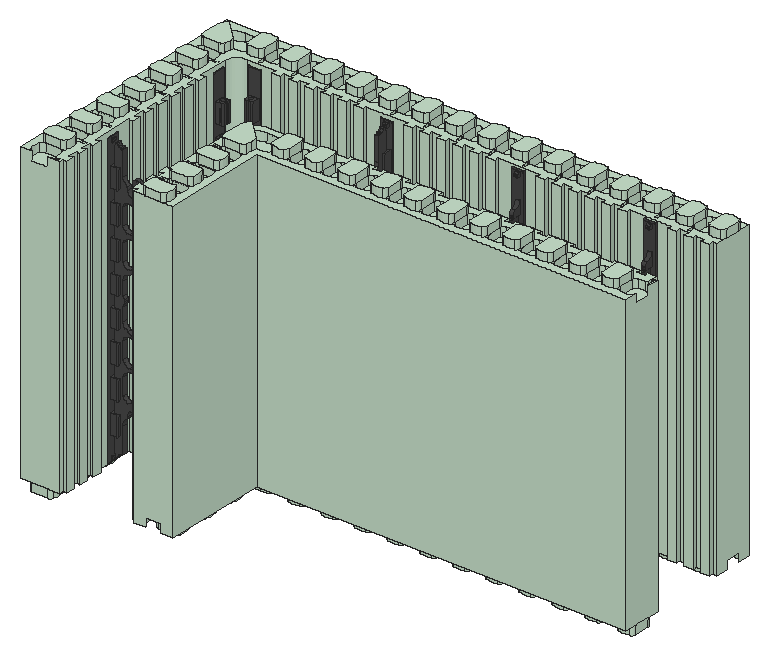
Revit family (continued)
Definition of nested family "4-inch Insert Web"
  Forms (in)
    Extrusion 2, solid, material "High Density Polystyrene"
      sketch origin (0, 0, 0) x (0, 1, 0) y (0, 0, 1)
        loop
          line (-1.5, 14.11451) -> (-1.5, 13.08627)
          arc (-1.5, 13.08627) -> (-1.35049, 12.86078) -> (-1.125, 12.71127) r 0.68126
          line (-1.125, 12.71127) -> (-0.3725, 12.71127)
          arc (-0.3725, 12.71127) -> (-0.17285, 12.82194) -> (-0.06, 13.02037) r 0.42217
          line (-0.06, 13.02037) -> (-0.06, 13.58104)
          arc (-0.06, 13.58104) -> (-0.17093, 13.84564) -> (-0.32953, 14.08475) r 1.52295
          line (-0.32953, 14.08475) -> (-1.103, 14.44673)
        loop
          arc (1.103, 10.7958) -> (1.35557, 10.89731) -> (1.5, 11.12803) r 0.43974
          line (1.5, 11.12803) -> (1.5, 12.15627)
          arc (1.5, 12.15627) -> (1.35049, 12.38175) -> (1.125, 12.53127) r 0.68126
          line (1.125, 12.53127) -> (0.3725, 12.53127)
          arc (0.3725, 12.53127) -> (0.17285, 12.42059) -> (0.06, 12.22217) r 0.42217
          line (0.06, 12.22217) -> (0.06, 11.6615)
          arc (0.06, 11.6615) -> (0.17093, 11.39689) -> (0.32953, 11.15779) r 1.52295
          line (0.32953, 11.15779) -> (1.103, 10.7958)
        loop
          line (-1.103, 10.7958) -> (-0.32953, 11.15779)
          arc (-0.32953, 11.15779) -> (-0.17093, 11.39689) -> (-0.06, 11.6615) r 1.52295
          line (-0.06, 11.6615) -> (-0.06, 12.22217)
          arc (-0.06, 12.22217) -> (-0.17285, 12.42059) -> (-0.3725, 12.53127) r 0.42217
          line (-0.3725, 12.53127) -> (-1.125, 12.53127)
          arc (-1.125, 12.53127) -> (-1.35049, 12.38175) -> (-1.5, 12.15627) r 0.68126
          line (-1.5, 12.15627) -> (-1.5, 11.12803)
          arc (-1.5, 11.12803) -> (-1.35557, 10.89731) -> (-1.103, 10.7958) r 0.43974
        loop
          arc (0.42388, 10.91489) -> (0.21712, 10.98532) -> (0, 11.00917) r 1
          arc (0, 11.00917) -> (-0.21712, 10.98532) -> (-0.42388, 10.91489) r 1
          line (-0.42388, 10.91489) -> (-1.21194, 10.54608)
          arc (-1.21194, 10.54608) -> (-1.42188, 10.36158) -> (-1.5, 10.09322) r 0.5
          line (-1.5, 10.09322) -> (-1.5, 9.31235) -> (-1.38, 9.11235) -> (-1.38, 9) -> (-1.38, 8.88765) -> (-1.5, 8.68765) -> (-1.5, 7.90678)
          arc (-1.5, 7.90678) -> (-1.42188, 7.63842) -> (-1.21194, 7.45392) r 0.5
          line (-1.21194, 7.45392) -> (-0.42388, 7.08511)
          arc (-0.42388, 7.08511) -> (-0.21712, 7.01468) -> (0, 6.99083) r 1
          arc (0, 6.99083) -> (0.21712, 7.01468) -> (0.42388, 7.08511) r 1
          line (0.42388, 7.08511) -> (1.21194, 7.45392)
          arc (1.21194, 7.45392) -> (1.42188, 7.63842) -> (1.5, 7.90678) r 0.5
          line (1.5, 7.90678) -> (1.5, 8.68765) -> (1.38, 8.88765) -> (1.38, 9) -> (1.38, 9.11235) -> (1.5, 9.31235) -> (1.5, 10.09322)
          arc (1.5, 10.09322) -> (1.42188, 10.36158) -> (1.21194, 10.54608) r 0.5
          line (1.21194, 10.54608) -> (0.42388, 10.91489)
        loop
          arc (1.103, 3.55327) -> (1.35557, 3.65477) -> (1.5, 3.88549) r 0.43974
          line (1.5, 3.88549) -> (1.5, 4.91373)
          arc (1.5, 4.91373) -> (1.35049, 5.13922) -> (1.125, 5.28873) r 0.68126
          line (1.125, 5.28873) -> (0.3725, 5.28873)
          arc (0.3725, 5.28873) -> (0.17285, 5.17806) -> (0.06, 4.97963) r 0.42217
          line (0.06, 4.97963) -> (0.06, 4.41896)
          arc (0.06, 4.41896) -> (0.17093, 4.15436) -> (0.32953, 3.91525) r 1.52295
          line (0.32953, 3.91525) -> (1.103, 3.55327)
        loop
          line (-1.103, 3.55327) -> (-0.32953, 3.91525)
          arc (-0.32953, 3.91525) -> (-0.17093, 4.15436) -> (-0.06, 4.41896) r 1.52295
          line (-0.06, 4.41896) -> (-0.06, 4.97963)
          arc (-0.06, 4.97963) -> (-0.17285, 5.17806) -> (-0.3725, 5.28873) r 0.42217
          line (-0.3725, 5.28873) -> (-1.125, 5.28873)
          arc (-1.125, 5.28873) -> (-1.35049, 5.13922) -> (-1.5, 4.91373) r 0.68126
          line (-1.5, 4.91373) -> (-1.5, 3.88549)
          arc (-1.5, 3.88549) -> (-1.35557, 3.65477) -> (-1.103, 3.55327) r 0.43974
        loop
          line (1.103, 7.2042) -> (0.32953, 6.84221)
          arc (0.32953, 6.84221) -> (0.17093, 6.60311) -> (0.06, 6.3385) r 1.52295
          line (0.06, 6.3385) -> (0.06, 5.77783)
          arc (0.06, 5.77783) -> (0.17285, 5.57941) -> (0.3725, 5.46873) r 0.42217
          line (0.3725, 5.46873) -> (1.125, 5.46873)
          arc (1.125, 5.46873) -> (1.35049, 5.61825) -> (1.5, 5.84373) r 0.68126
          line (1.5, 5.84373) -> (1.5, 6.87197)
          arc (1.5, 6.87197) -> (1.35557, 7.10269) -> (1.103, 7.2042) r 0.43974
        loop
          arc (-1.103, 7.2042) -> (-1.35557, 7.10269) -> (-1.5, 6.87197) r 0.43974
          line (-1.5, 6.87197) -> (-1.5, 5.84373)
          arc (-1.5, 5.84373) -> (-1.35049, 5.61825) -> (-1.125, 5.46873) r 0.68126
          line (-1.125, 5.46873) -> (-0.3725, 5.46873)
          arc (-0.3725, 5.46873) -> (-0.17285, 5.57941) -> (-0.06, 5.77783) r 0.42217
          line (-0.06, 5.77783) -> (-0.06, 6.3385)
          arc (-0.06, 6.3385) -> (-0.17093, 6.60311) -> (-0.32953, 6.84221) r 1.52295
          line (-0.32953, 6.84221) -> (-1.103, 7.2042)
      from 0.125 to -0.125
    Extrusion 3, solid, material "High Density Polystyrene"
      sketch origin (0, 0, 0) x (0, 1, 0) y (0, 0, 1)
        loop
          line (2.21, 16.17792) -> (1.71, 16.17792) -> (1.71, 14.97792) -> (2.21, 14.97792) -> (2.21, 16.17792)
        loop
          line (2.21, 14.22792) -> (1.71, 14.22792) -> (1.71, 13.02792) -> (2.21, 13.02792) -> (2.21, 14.22792)
        loop
          line (2.21, 12.27792) -> (1.71, 12.27792) -> (1.71, 11.07792) -> (2.21, 11.07792) -> (2.21, 12.27792)
        loop
          line (2.21, 10.32792) -> (1.71, 10.32792) -> (1.71, 9.24792) -> (2.21, 9.24792) -> (2.21, 10.32792)
        loop
          line (2.21, 8.49792) -> (1.71, 8.49792) -> (1.71, 7.41792) -> (2.21, 7.41792) -> (2.21, 8.49792)
        loop
          line (2.21, 6.66792) -> (1.71, 6.66792) -> (1.71, 5.46792) -> (2.21, 5.46792) -> (2.21, 6.66792)
        loop
          line (2.21, 4.71792) -> (1.71, 4.71792) -> (1.71, 3.51792) -> (2.21, 3.51792) -> (2.21, 4.71792)
        loop
          line (2.21, 2.76792) -> (1.71, 2.76792) -> (1.71, 1.56792) -> (2.21, 1.56792) -> (2.21, 2.76792)
        loop
          line (-2.21, 16.17792) -> (-2.21, 14.97792) -> (-1.71, 14.97792) -> (-1.71, 16.17792) -> (-2.21, 16.17792)
        loop
          line (-2.21, 14.22792) -> (-2.21, 13.02792) -> (-1.71, 13.02792) -> (-1.71, 14.22792) -> (-2.21, 14.22792)
        loop
          line (-2.21, 12.27792) -> (-2.21, 11.07792) -> (-1.71, 11.07792) -> (-1.71, 12.27792) -> (-2.21, 12.27792)
        loop
          line (-2.21, 10.32792) -> (-2.21, 9.24792) -> (-1.71, 9.24792) -> (-1.71, 10.32792) -> (-2.21, 10.32792)
        loop
          line (-2.21, 8.49792) -> (-2.21, 7.41792) -> (-1.71, 7.41792) -> (-1.71, 8.49792) -> (-2.21, 8.49792)
        loop
          line (-2.21, 6.66792) -> (-2.21, 5.46792) -> (-1.71, 5.46792) -> (-1.71, 6.66792) -> (-2.21, 6.66792)
        loop
          line (-2.21, 4.71792) -> (-2.21, 3.51792) -> (-1.71, 3.51792) -> (-1.71, 4.71792) -> (-2.21, 4.71792)
        loop
          line (-2.21, 2.76792) -> (-2.21, 1.56792) -> (-1.71, 1.56792) -> (-1.71, 2.76792) -> (-2.21, 2.76792)
      from 0.25 to -0.25
    Extrusion 4, void
      sketch origin (0, -1, 0) x (1, 0, 0) y (0, 1, 0)
        loop
          line (-0.25, 2.79249) -> (-0.25, 2.71) -> (-0.1675, 2.71)
          arc (-0.1675, 2.71) -> (-0.22584, 2.73416) -> (-0.25, 2.79249) r 0.0825
      from 0 to 18
    Extrusion 5, void
      sketch origin (0, -1, 0) x (-1, 0, 0) y (0, -1, 0)
        loop
          arc (-0.25, -2.79249) -> (-0.22584, -2.73416) -> (-0.1675, -2.71) r 0.0825
          line (-0.1675, -2.71) -> (-0.25, -2.71) -> (-0.25, -2.79249)
      from 0 to 18
    Extrusion 6, void
      sketch origin (0, 1, 0) x (1, 0, 0) y (0, 1, 0)
        loop
          arc (-0.25, -2.79249) -> (-0.22584, -2.73416) -> (-0.1675, -2.71) r 0.0825
          line (-0.1675, -2.71) -> (-0.25, -2.71) -> (-0.25, -2.79249)
      from 0 to 18
    Extrusion 7, void
      sketch origin (0, 1, 0) x (-1, 0, 0) y (0, -1, 0)
        loop
          line (-0.25, 2.79249) -> (-0.25, 2.71) -> (-0.1675, 2.71)
          arc (-0.1675, 2.71) -> (-0.22584, 2.73416) -> (-0.25, 2.79249) r 0.0825
      from 0 to 18
  Cuts and joins
    Extrusion 4, Extrusion 5, Extrusion 6, Extrusion 7 cuts Extrusion 1
    Extrusion 4, Extrusion 5, Extrusion 6, Extrusion 7 cuts Extrusion 3
Definition of nested family "4-inch Web"
  Reference planes (in)
    plane 1 "Center (Front/Back)": y = 0
    plane 2: z = 0
    plane 3 "Center (Left/Right)": x = 0
  Forms (in)
    Extrusion 1, solid, material "Polypropylene"
      sketch origin (0, -2, -0.5) x (0, 1, 0) y (0, 0, 1)
        loop
          arc (4.185, 0.98503) -> (4.17874, 0.9705) -> (4.16389, 0.96506) r 0.02
          line (4.16389, 0.96506) -> (4.00611, 0.97383)
          arc (4.00611, 0.97383) -> (3.99126, 0.96839) -> (3.985, 0.95386) r 0.02
          line (3.985, 0.95386) -> (3.985, 0.88265)
          arc (3.985, 0.88265) -> (3.98914, 0.86744) -> (4.00043, 0.85643) r 0.03
          line (4.00043, 0.85643) -> (4.16957, 0.76246)
          arc (4.16957, 0.76246) -> (4.18086, 0.75145) -> (4.185, 0.73624) r 0.03
          line (4.185, 0.73624) -> (4.185, 0.98503)
        loop
          line (-0.185, 0.98503) -> (-0.185, 0.73624)
          arc (-0.185, 0.73624) -> (-0.18086, 0.75145) -> (-0.16957, 0.76246) r 0.03
          line (-0.16957, 0.76246) -> (-0.00043, 0.85643)
          arc (-0.00043, 0.85643) -> (0.01086, 0.86744) -> (0.015, 0.88265) r 0.03
          line (0.015, 0.88265) -> (0.015, 0.95386)
          arc (0.015, 0.95386) -> (0.00874, 0.96839) -> (-0.00611, 0.97383) r 0.02
          line (-0.00611, 0.97383) -> (-0.16389, 0.96506)
          arc (-0.16389, 0.96506) -> (-0.17874, 0.9705) -> (-0.185, 0.98503) r 0.02
        loop
          line (3.995, 15.39617) -> (3.995, 15.89614) -> (3.89, 15.89614) -> (3.89, 15.96617) -> (4.15332, 15.96617)
          arc (4.15332, 15.96617) -> (4.16974, 15.96398) -> (4.185, 15.95755) r 0.0625
          line (4.185, 15.95755) -> (4.185, 16.73277)
          arc (4.185, 16.73277) -> (4.07682, 16.48647) -> (3.85666, 16.33188) r 0.5
          arc (3.85666, 16.33188) -> (3.73587, 16.24051) -> (3.69, 16.09617) r 0.25
          line (3.69, 16.09617) -> (3.69, 16.02867)
          arc (3.69, 16.02867) -> (3.7083, 15.98448) -> (3.7525, 15.96617) r 0.0625
          line (3.7525, 15.96617) -> (3.8, 15.96617) -> (3.8, 15.89614) -> (3.69446, 15.89614)
          arc (3.69446, 15.89614) -> (3.49353, 15.90523) -> (3.29847, 15.95435) r 1
          arc (3.29847, 15.95435) -> (3.20889, 15.93583) -> (3.18179, 15.84845) r 0.09
          arc (3.18179, 15.84845) -> (2.74446, 15.50749) -> (2.77171, 16.06136) r 0.305
          arc (2.77171, 16.06136) -> (2.89426, 16.34734) -> (2.60829, 16.46988) r 0.22
          arc (2.60829, 16.46988) -> (2.36995, 16.31647) -> (2.20617, 16.08513) r 0.745
          arc (2.20617, 16.08513) -> (2.12274, 15.98757) -> (2, 15.94992) r 0.23
          arc (2, 15.94992) -> (1.87726, 15.98757) -> (1.79383, 16.08513) r 0.23
          arc (1.79383, 16.08513) -> (1.63005, 16.31647) -> (1.39171, 16.46988) r 0.745
          arc (1.39171, 16.46988) -> (1.10574, 16.34734) -> (1.22829, 16.06136) r 0.22
          arc (1.22829, 16.06136) -> (1.25554, 15.50749) -> (0.81821, 15.84845) r 0.305
          arc (0.81821, 15.84845) -> (0.79111, 15.93583) -> (0.70153, 15.95435) r 0.09
          arc (0.70153, 15.95435) -> (0.50647, 15.90523) -> (0.30554, 15.89614) r 1
          line (0.30554, 15.89614) -> (0.2, 15.89614) -> (0.2, 15.96617) -> (0.2475, 15.96617)
          arc (0.2475, 15.96617) -> (0.2917, 15.98448) -> (0.31, 16.02867) r 0.0625
          line (0.31, 16.02867) -> (0.31, 16.09617)
          arc (0.31, 16.09617) -> (0.26413, 16.24051) -> (0.14334, 16.33188) r 0.25
          arc (0.14334, 16.33188) -> (-0.07682, 16.48647) -> (-0.185, 16.73277) r 0.5
          line (-0.185, 16.73277) -> (-0.185, 15.95755)
          arc (-0.185, 15.95755) -> (-0.16974, 15.96398) -> (-0.15332, 15.96617) r 0.0625
          line (-0.15332, 15.96617) -> (0.11, 15.96617) -> (0.11, 15.89614) -> (0.005, 15.89614) -> (0.005, 15.39617) -> (0.11, 15.39617) -> (0.11, 15.32617) -> (-0.1225, 15.32617)
          arc (-0.1225, 15.32617) -> (-0.16669, 15.34448) -> (-0.185, 15.38867) r 0.0625
          line (-0.185, 15.38867) -> (-0.185, 14.60367)
          arc (-0.185, 14.60367) -> (-0.16669, 14.64787) -> (-0.1225, 14.66617) r 0.0625
          line (-0.1225, 14.66617) -> (0.11, 14.66617) -> (0.11, 14.59617) -> (0.005, 14.59617) -> (0.005, 14.09617) -> (0.11, 14.09617) -> (0.11, 14.02617) -> (-0.1225, 14.02617)
          arc (-0.1225, 14.02617) -> (-0.16669, 14.04448) -> (-0.185, 14.08867) r 0.0625
          line (-0.185, 14.08867) -> (-0.185, 13.30367)
          arc (-0.185, 13.30367) -> (-0.16669, 13.34787) -> (-0.1225, 13.36617) r 0.0625
          line (-0.1225, 13.36617) -> (0.11, 13.36617) -> (0.11, 13.29617) -> (0.005, 13.29617) -> (0.005, 12.7962) -> (0.11, 12.7962) -> (0.11, 12.72617) -> (-0.1225, 12.72617)
          arc (-0.1225, 12.72617) -> (-0.16669, 12.74448) -> (-0.185, 12.78867) r 0.0625
          line (-0.185, 12.78867) -> (-0.185, 12.18907) -> (-0.09, 12.18907)
          arc (-0.09, 12.18907) -> (0.01399, 12.29203) -> (0.14334, 12.36047) r 0.5
          arc (0.14334, 12.36047) -> (0.26413, 12.45184) -> (0.31, 12.59617) r 0.25
          line (0.31, 12.59617) -> (0.31, 12.66367)
          arc (0.31, 12.66367) -> (0.2917, 12.70787) -> (0.2475, 12.72617) r 0.0625
          line (0.2475, 12.72617) -> (0.2, 12.72617) -> (0.2, 12.7962) -> (0.30554, 12.7962)
          arc (0.30554, 12.7962) -> (0.50647, 12.78711) -> (0.70153, 12.73799) r 1
          arc (0.70153, 12.73799) -> (0.79111, 12.75651) -> (0.81821, 12.84389) r 0.09
          arc (0.81821, 12.84389) -> (1.25554, 13.18486) -> (1.22829, 12.63098) r 0.305
          arc (1.22829, 12.63098) -> (1.10574, 12.34501) -> (1.39171, 12.22246) r 0.22
          arc (1.39171, 12.22246) -> (1.63005, 12.37588) -> (1.79383, 12.60721) r 0.745
          arc (1.79383, 12.60721) -> (1.87726, 12.70478) -> (2, 12.74242) r 0.23
          arc (2, 12.74242) -> (2.12274, 12.70478) -> (2.20617, 12.60721) r 0.23
          arc (2.20617, 12.60721) -> (2.36995, 12.37588) -> (2.60829, 12.22246) r 0.745
          arc (2.60829, 12.22246) -> (2.89426, 12.34501) -> (2.77171, 12.63098) r 0.22
          arc (2.77171, 12.63098) -> (2.74446, 13.18486) -> (3.18179, 12.84389) r 0.305
          arc (3.18179, 12.84389) -> (3.20889, 12.75651) -> (3.29847, 12.73799) r 0.09
          arc (3.29847, 12.73799) -> (3.49353, 12.78711) -> (3.69446, 12.7962) r 1
          line (3.69446, 12.7962) -> (3.8, 12.7962) -> (3.8, 12.72617) -> (3.7525, 12.72617)
          arc (3.7525, 12.72617) -> (3.7083, 12.70787) -> (3.69, 12.66367) r 0.0625
          line (3.69, 12.66367) -> (3.69, 12.59617)
          arc (3.69, 12.59617) -> (3.73587, 12.45184) -> (3.85666, 12.36047) r 0.25
          arc (3.85666, 12.36047) -> (3.98601, 12.29203) -> (4.09, 12.18907) r 0.5
          line (4.09, 12.18907) -> (4.185, 12.18907) -> (4.185, 12.78867)
          arc (4.185, 12.78867) -> (4.16669, 12.74448) -> (4.1225, 12.72617) r 0.0625
          line (4.1225, 12.72617) -> (3.89, 12.72617) -> (3.89, 12.7962) -> (3.995, 12.7962) -> (3.995, 13.29617) -> (3.89, 13.29617) -> (3.89, 13.36617) -> (4.1225, 13.36617)
          arc (4.1225, 13.36617) -> (4.16669, 13.34787) -> (4.185, 13.30367) r 0.0625
          line (4.185, 13.30367) -> (4.185, 14.08867)
          arc (4.185, 14.08867) -> (4.16669, 14.04448) -> (4.1225, 14.02617) r 0.0625
          line (4.1225, 14.02617) -> (3.89, 14.02617) -> (3.89, 14.09617) -> (3.995, 14.09617) -> (3.995, 14.59617) -> (3.89, 14.59617) -> (3.89, 14.66617) -> (4.1225, 14.66617)
          arc (4.1225, 14.66617) -> (4.16669, 14.64787) -> (4.185, 14.60367) r 0.0625
          line (4.185, 14.60367) -> (4.185, 15.38867)
          arc (4.185, 15.38867) -> (4.16669, 15.34448) -> (4.1225, 15.32617) r 0.0625
          line (4.1225, 15.32617) -> (3.89, 15.32617) -> (3.89, 15.39617) -> (3.995, 15.39617)
        loop
          line (3.695, 14.59617) -> (3.8, 14.59617) -> (3.8, 14.66617) -> (3.7525, 14.66617)
          arc (3.7525, 14.66617) -> (3.7083, 14.68448) -> (3.69, 14.72867) r 0.0625
          line (3.69, 14.72867) -> (3.69, 15.26367)
          arc (3.69, 15.26367) -> (3.7083, 15.30787) -> (3.7525, 15.32617) r 0.0625
          line (3.7525, 15.32617) -> (3.8, 15.32617) -> (3.8, 15.39617) -> (3.695, 15.39617)
          arc (3.695, 15.39617) -> (3.23819, 15.2911) -> (2.8018, 15.12004) r 3.1806
          line (2.8018, 15.12004) -> (2.30584, 14.87186)
          arc (2.30584, 14.87186) -> (2.18493, 14.61329) -> (2.40877, 14.43617) r 0.23
          line (2.40877, 14.43617) -> (2.98527, 14.43617)
          arc (2.98527, 14.43617) -> (3.29477, 14.47236) -> (3.59139, 14.56784) r 1.6
          arc (3.59139, 14.56784) -> (3.64143, 14.58847) -> (3.695, 14.59617) r 0.21872
        loop
          line (3.695, 13.29617) -> (3.8, 13.29617) -> (3.8, 13.36617) -> (3.7525, 13.36617)
          arc (3.7525, 13.36617) -> (3.7083, 13.38448) -> (3.69, 13.42867) r 0.0625
          line (3.69, 13.42867) -> (3.69, 13.96367)
          arc (3.69, 13.96367) -> (3.7083, 14.00787) -> (3.7525, 14.02617) r 0.0625
          line (3.7525, 14.02617) -> (3.8, 14.02617) -> (3.8, 14.09617) -> (3.695, 14.09617)
          arc (3.695, 14.09617) -> (3.64143, 14.10388) -> (3.59139, 14.1245) r 0.21872
          arc (3.59139, 14.1245) -> (3.29477, 14.21999) -> (2.98527, 14.25617) r 1.6
          line (2.98527, 14.25617) -> (2.40877, 14.25617)
          arc (2.40877, 14.25617) -> (2.18493, 14.07905) -> (2.30584, 13.82049) r 0.23
          line (2.30584, 13.82049) -> (2.8018, 13.57231)
          arc (2.8018, 13.57231) -> (3.23819, 13.40124) -> (3.695, 13.29617) r 3.1806
        loop
          line (4.185, 18.01497) -> (4.185, 18.26376)
          arc (4.185, 18.26376) -> (4.18086, 18.24855) -> (4.16957, 18.23754) r 0.03
          line (4.16957, 18.23754) -> (4.00043, 18.14357)
          arc (4.00043, 18.14357) -> (3.98914, 18.13256) -> (3.985, 18.11735) r 0.03
          line (3.985, 18.11735) -> (3.985, 18.04614)
          arc (3.985, 18.04614) -> (3.99126, 18.03161) -> (4.00611, 18.02617) r 0.02
          line (4.00611, 18.02617) -> (4.16389, 18.03494)
          arc (4.16389, 18.03494) -> (4.17874, 18.0295) -> (4.185, 18.01497) r 0.02
        loop
          arc (-0.185, 18.01497) -> (-0.17874, 18.0295) -> (-0.16389, 18.03494) r 0.02
          line (-0.16389, 18.03494) -> (-0.00611, 18.02617)
          arc (-0.00611, 18.02617) -> (0.00874, 18.03161) -> (0.015, 18.04614) r 0.02
          line (0.015, 18.04614) -> (0.015, 18.11735)
          arc (0.015, 18.11735) -> (0.01086, 18.13256) -> (-0.00043, 18.14357) r 0.03
          line (-0.00043, 18.14357) -> (-0.16957, 18.23754)
          arc (-0.16957, 18.23754) -> (-0.18086, 18.24855) -> (-0.185, 18.26376) r 0.03
          line (-0.185, 18.26376) -> (-0.185, 18.01497)
        loop
          arc (0.305, 14.59617) -> (0.35857, 14.58847) -> (0.40861, 14.56784) r 0.21872
          arc (0.40861, 14.56784) -> (0.70523, 14.47236) -> (1.01473, 14.43617) r 1.6
          line (1.01473, 14.43617) -> (1.59123, 14.43617)
          arc (1.59123, 14.43617) -> (1.81507, 14.61329) -> (1.69416, 14.87186) r 0.23
          line (1.69416, 14.87186) -> (1.1982, 15.12004)
          arc (1.1982, 15.12004) -> (0.76181, 15.2911) -> (0.305, 15.39617) r 3.1806
          line (0.305, 15.39617) -> (0.2, 15.39617) -> (0.2, 15.32617) -> (0.2475, 15.32617)
          arc (0.2475, 15.32617) -> (0.2917, 15.30787) -> (0.31, 15.26367) r 0.0625
          line (0.31, 15.26367) -> (0.31, 14.72867)
          arc (0.31, 14.72867) -> (0.2917, 14.68448) -> (0.2475, 14.66617) r 0.0625
          line (0.2475, 14.66617) -> (0.2, 14.66617) -> (0.2, 14.59617) -> (0.305, 14.59617)
        loop
          arc (0.305, 13.29617) -> (0.76181, 13.40124) -> (1.1982, 13.57231) r 3.1806
          line (1.1982, 13.57231) -> (1.69416, 13.82049)
          arc (1.69416, 13.82049) -> (1.81507, 14.07905) -> (1.59123, 14.25617) r 0.23
          line (1.59123, 14.25617) -> (1.01473, 14.25617)
          arc (1.01473, 14.25617) -> (0.70523, 14.21999) -> (0.40861, 14.1245) r 1.6
          arc (0.40861, 14.1245) -> (0.35857, 14.10388) -> (0.305, 14.09617) r 0.21872
          line (0.305, 14.09617) -> (0.2, 14.09617) -> (0.2, 14.02617) -> (0.2475, 14.02617)
          arc (0.2475, 14.02617) -> (0.2917, 14.00787) -> (0.31, 13.96367) r 0.0625
          line (0.31, 13.96367) -> (0.31, 13.42867)
          arc (0.31, 13.42867) -> (0.2917, 13.38448) -> (0.2475, 13.36617) r 0.0625
          line (0.2475, 13.36617) -> (0.2, 13.36617) -> (0.2, 13.29617) -> (0.305, 13.29617)
        loop
          line (3.995, 3.60383) -> (3.89, 3.60383) -> (3.89, 3.67383) -> (4.1225, 3.67383)
          arc (4.1225, 3.67383) -> (4.16669, 3.65552) -> (4.185, 3.61133) r 0.0625
          line (4.185, 3.61133) -> (4.185, 4.39633)
          arc (4.185, 4.39633) -> (4.16669, 4.35213) -> (4.1225, 4.33383) r 0.0625
          line (4.1225, 4.33383) -> (3.89, 4.33383) -> (3.89, 4.40383) -> (3.995, 4.40383) -> (3.995, 4.90383) -> (3.89, 4.90383) -> (3.89, 4.97383) -> (4.1225, 4.97383)
          arc (4.1225, 4.97383) -> (4.16669, 4.95552) -> (4.185, 4.91133) r 0.0625
          line (4.185, 4.91133) -> (4.185, 5.69633)
          arc (4.185, 5.69633) -> (4.16669, 5.65213) -> (4.1225, 5.63383) r 0.0625
          line (4.1225, 5.63383) -> (3.89, 5.63383) -> (3.89, 5.70383) -> (3.995, 5.70383) -> (3.995, 6.2038) -> (3.89, 6.2038) -> (3.89, 6.27383) -> (4.1225, 6.27383)
          arc (4.1225, 6.27383) -> (4.16669, 6.25552) -> (4.185, 6.21133) r 0.0625
          line (4.185, 6.21133) -> (4.185, 6.81093) -> (4.09, 6.81093)
          arc (4.09, 6.81093) -> (3.98601, 6.70797) -> (3.85666, 6.63953) r 0.5
          arc (3.85666, 6.63953) -> (3.73587, 6.54816) -> (3.69, 6.40383) r 0.25
          line (3.69, 6.40383) -> (3.69, 6.33633)
          arc (3.69, 6.33633) -> (3.7083, 6.29213) -> (3.7525, 6.27383) r 0.0625
          line (3.7525, 6.27383) -> (3.8, 6.27383) -> (3.8, 6.2038) -> (3.69446, 6.2038)
          arc (3.69446, 6.2038) -> (3.49353, 6.21289) -> (3.29847, 6.26201) r 1
          arc (3.29847, 6.26201) -> (3.20889, 6.24349) -> (3.18179, 6.15611) r 0.09
          arc (3.18179, 6.15611) -> (2.74446, 5.81514) -> (2.77171, 6.36902) r 0.305
          arc (2.77171, 6.36902) -> (2.89426, 6.65499) -> (2.60829, 6.77754) r 0.22
          arc (2.60829, 6.77754) -> (2.36995, 6.62412) -> (2.20617, 6.39279) r 0.745
          arc (2.20617, 6.39279) -> (2.12274, 6.29522) -> (2, 6.25758) r 0.23
          arc (2, 6.25758) -> (1.87726, 6.29522) -> (1.79383, 6.39279) r 0.23
          arc (1.79383, 6.39279) -> (1.63005, 6.62412) -> (1.39171, 6.77754) r 0.745
          arc (1.39171, 6.77754) -> (1.10574, 6.65499) -> (1.22829, 6.36902) r 0.22
          arc (1.22829, 6.36902) -> (1.25554, 5.81514) -> (0.81821, 6.15611) r 0.305
          arc (0.81821, 6.15611) -> (0.79111, 6.24349) -> (0.70153, 6.26201) r 0.09
          arc (0.70153, 6.26201) -> (0.50647, 6.21289) -> (0.30554, 6.2038) r 1
          line (0.30554, 6.2038) -> (0.2, 6.2038) -> (0.2, 6.27383) -> (0.2475, 6.27383)
          arc (0.2475, 6.27383) -> (0.2917, 6.29213) -> (0.31, 6.33633) r 0.0625
          line (0.31, 6.33633) -> (0.31, 6.40383)
          arc (0.31, 6.40383) -> (0.26413, 6.54816) -> (0.14334, 6.63953) r 0.25
          arc (0.14334, 6.63953) -> (0.01399, 6.70797) -> (-0.09, 6.81093) r 0.5
          line (-0.09, 6.81093) -> (-0.185, 6.81093) -> (-0.185, 6.21133)
          arc (-0.185, 6.21133) -> (-0.16669, 6.25552) -> (-0.1225, 6.27383) r 0.0625
          line (-0.1225, 6.27383) -> (0.11, 6.27383) -> (0.11, 6.2038) -> (0.005, 6.2038) -> (0.005, 5.70383) -> (0.11, 5.70383) -> (0.11, 5.63383) -> (-0.1225, 5.63383)
          arc (-0.1225, 5.63383) -> (-0.16669, 5.65213) -> (-0.185, 5.69633) r 0.0625
          line (-0.185, 5.69633) -> (-0.185, 4.91133)
          arc (-0.185, 4.91133) -> (-0.16669, 4.95552) -> (-0.1225, 4.97383) r 0.0625
          line (-0.1225, 4.97383) -> (0.11, 4.97383) -> (0.11, 4.90383) -> (0.005, 4.90383) -> (0.005, 4.40383) -> (0.11, 4.40383) -> (0.11, 4.33383) -> (-0.1225, 4.33383)
          arc (-0.1225, 4.33383) -> (-0.16669, 4.35213) -> (-0.185, 4.39633) r 0.0625
          line (-0.185, 4.39633) -> (-0.185, 3.61133)
          arc (-0.185, 3.61133) -> (-0.16669, 3.65552) -> (-0.1225, 3.67383) r 0.0625
          line (-0.1225, 3.67383) -> (0.11, 3.67383) -> (0.11, 3.60383) -> (0.005, 3.60383) -> (0.005, 3.10386) -> (0.11, 3.10386) -> (0.11, 3.03383) -> (-0.15332, 3.03383)
          arc (-0.15332, 3.03383) -> (-0.16974, 3.03602) -> (-0.185, 3.04245) r 0.0625
          line (-0.185, 3.04245) -> (-0.185, 2.26723)
          arc (-0.185, 2.26723) -> (-0.07682, 2.51353) -> (0.14334, 2.66812) r 0.5
          arc (0.14334, 2.66812) -> (0.26413, 2.75949) -> (0.31, 2.90383) r 0.25
          line (0.31, 2.90383) -> (0.31, 2.97133)
          arc (0.31, 2.97133) -> (0.2917, 3.01552) -> (0.2475, 3.03383) r 0.0625
          line (0.2475, 3.03383) -> (0.2, 3.03383) -> (0.2, 3.10386) -> (0.30554, 3.10386)
          arc (0.30554, 3.10386) -> (0.50647, 3.09477) -> (0.70153, 3.04565) r 1
          arc (0.70153, 3.04565) -> (0.79111, 3.06417) -> (0.81821, 3.15155) r 0.09
          arc (0.81821, 3.15155) -> (1.25554, 3.49251) -> (1.22829, 2.93864) r 0.305
          arc (1.22829, 2.93864) -> (1.10574, 2.65266) -> (1.39171, 2.53012) r 0.22
          arc (1.39171, 2.53012) -> (1.63005, 2.68353) -> (1.79383, 2.91487) r 0.745
          arc (1.79383, 2.91487) -> (1.87726, 3.01243) -> (2, 3.05008) r 0.23
          arc (2, 3.05008) -> (2.12274, 3.01243) -> (2.20617, 2.91487) r 0.23
          arc (2.20617, 2.91487) -> (2.36995, 2.68353) -> (2.60829, 2.53012) r 0.745
          arc (2.60829, 2.53012) -> (2.89426, 2.65266) -> (2.77171, 2.93864) r 0.22
          arc (2.77171, 2.93864) -> (2.74446, 3.49251) -> (3.18179, 3.15155) r 0.305
          arc (3.18179, 3.15155) -> (3.20889, 3.06417) -> (3.29847, 3.04565) r 0.09
          arc (3.29847, 3.04565) -> (3.49353, 3.09477) -> (3.69446, 3.10386) r 1
          line (3.69446, 3.10386) -> (3.8, 3.10386) -> (3.8, 3.03383) -> (3.7525, 3.03383)
          arc (3.7525, 3.03383) -> (3.7083, 3.01552) -> (3.69, 2.97133) r 0.0625
          line (3.69, 2.97133) -> (3.69, 2.90383)
          arc (3.69, 2.90383) -> (3.73587, 2.75949) -> (3.85666, 2.66812) r 0.25
          arc (3.85666, 2.66812) -> (4.07682, 2.51353) -> (4.185, 2.26723) r 0.5
          line (4.185, 2.26723) -> (4.185, 3.04245)
          arc (4.185, 3.04245) -> (4.16974, 3.03602) -> (4.15332, 3.03383) r 0.0625
          line (4.15332, 3.03383) -> (3.89, 3.03383) -> (3.89, 3.10386) -> (3.995, 3.10386) -> (3.995, 3.60383)
        loop
          arc (3.695, 4.40383) -> (3.64143, 4.41153) -> (3.59139, 4.43216) r 0.21872
          arc (3.59139, 4.43216) -> (3.29477, 4.52764) -> (2.98527, 4.56383) r 1.6
          line (2.98527, 4.56383) -> (2.40877, 4.56383)
          arc (2.40877, 4.56383) -> (2.18493, 4.38671) -> (2.30584, 4.12814) r 0.23
          line (2.30584, 4.12814) -> (2.8018, 3.87996)
          arc (2.8018, 3.87996) -> (3.23819, 3.7089) -> (3.695, 3.60383) r 3.1806
          line (3.695, 3.60383) -> (3.8, 3.60383) -> (3.8, 3.67383) -> (3.7525, 3.67383)
          arc (3.7525, 3.67383) -> (3.7083, 3.69213) -> (3.69, 3.73633) r 0.0625
          line (3.69, 3.73633) -> (3.69, 4.27133)
          arc (3.69, 4.27133) -> (3.7083, 4.31552) -> (3.7525, 4.33383) r 0.0625
          line (3.7525, 4.33383) -> (3.8, 4.33383) -> (3.8, 4.40383) -> (3.695, 4.40383)
        loop
          arc (3.695, 5.70383) -> (3.23819, 5.59876) -> (2.8018, 5.42769) r 3.1806
          line (2.8018, 5.42769) -> (2.30584, 5.17951)
          arc (2.30584, 5.17951) -> (2.18493, 4.92095) -> (2.40877, 4.74383) r 0.23
          line (2.40877, 4.74383) -> (2.98527, 4.74383)
          arc (2.98527, 4.74383) -> (3.29477, 4.78001) -> (3.59139, 4.8755) r 1.6
          arc (3.59139, 4.8755) -> (3.64143, 4.89612) -> (3.695, 4.90383) r 0.21872
          line (3.695, 4.90383) -> (3.8, 4.90383) -> (3.8, 4.97383) -> (3.7525, 4.97383)
          arc (3.7525, 4.97383) -> (3.7083, 4.99213) -> (3.69, 5.03633) r 0.0625
          line (3.69, 5.03633) -> (3.69, 5.57133)
          arc (3.69, 5.57133) -> (3.7083, 5.61552) -> (3.7525, 5.63383) r 0.0625
          line (3.7525, 5.63383) -> (3.8, 5.63383) -> (3.8, 5.70383) -> (3.695, 5.70383)
        loop
          line (0.305, 4.40383) -> (0.2, 4.40383) -> (0.2, 4.33383) -> (0.2475, 4.33383)
          arc (0.2475, 4.33383) -> (0.2917, 4.31552) -> (0.31, 4.27133) r 0.0625
          line (0.31, 4.27133) -> (0.31, 3.73633)
          arc (0.31, 3.73633) -> (0.2917, 3.69213) -> (0.2475, 3.67383) r 0.0625
          line (0.2475, 3.67383) -> (0.2, 3.67383) -> (0.2, 3.60383) -> (0.305, 3.60383)
          arc (0.305, 3.60383) -> (0.76181, 3.7089) -> (1.1982, 3.87996) r 3.1806
          line (1.1982, 3.87996) -> (1.69416, 4.12814)
          arc (1.69416, 4.12814) -> (1.81507, 4.38671) -> (1.59123, 4.56383) r 0.23
          line (1.59123, 4.56383) -> (1.01473, 4.56383)
          arc (1.01473, 4.56383) -> (0.70523, 4.52764) -> (0.40861, 4.43216) r 1.6
          arc (0.40861, 4.43216) -> (0.35857, 4.41153) -> (0.305, 4.40383) r 0.21872
        loop
          line (0.305, 5.70383) -> (0.2, 5.70383) -> (0.2, 5.63383) -> (0.2475, 5.63383)
          arc (0.2475, 5.63383) -> (0.2917, 5.61552) -> (0.31, 5.57133) r 0.0625
          line (0.31, 5.57133) -> (0.31, 5.03633)
          arc (0.31, 5.03633) -> (0.2917, 4.99213) -> (0.2475, 4.97383) r 0.0625
          line (0.2475, 4.97383) -> (0.2, 4.97383) -> (0.2, 4.90383) -> (0.305, 4.90383)
          arc (0.305, 4.90383) -> (0.35857, 4.89612) -> (0.40861, 4.8755) r 0.21872
          arc (0.40861, 4.8755) -> (0.70523, 4.78001) -> (1.01473, 4.74383) r 1.6
          line (1.01473, 4.74383) -> (1.59123, 4.74383)
          arc (1.59123, 4.74383) -> (1.81507, 4.92095) -> (1.69416, 5.17951) r 0.23
          line (1.69416, 5.17951) -> (1.1982, 5.42769)
          arc (1.1982, 5.42769) -> (0.76181, 5.59876) -> (0.305, 5.70383) r 3.1806
      from -0.125 to 0.125
    Extrusion 2, solid, material "Polypropylene"
      sketch origin (0, 0, 0) x (0, 1, 0) y (0, 0, 1)
        loop
          line (2.185, 17.8125) -> (2.185, 0.1875)
          arc (2.185, 0.1875) -> (2.2042, 0.14243) -> (2.25, 0.12505) r 0.0625
          arc (2.25, 0.12505) -> (2.2958, 0.14243) -> (2.315, 0.1875) r 0.0625
          line (2.315, 0.1875) -> (2.315, 17.8125)
          arc (2.315, 17.8125) -> (2.2958, 17.85757) -> (2.25, 17.87495) r 0.0625
          arc (2.25, 17.87495) -> (2.2042, 17.85757) -> (2.185, 17.8125) r 0.0625
        loop
          arc (-2.185, 17.8125) -> (-2.2042, 17.85757) -> (-2.25, 17.87495) r 0.0625
          arc (-2.25, 17.87495) -> (-2.2958, 17.85757) -> (-2.315, 17.8125) r 0.0625
          line (-2.315, 17.8125) -> (-2.315, 0.1875)
          arc (-2.315, 0.1875) -> (-2.2958, 0.14243) -> (-2.25, 0.12505) r 0.0625
          arc (-2.25, 0.12505) -> (-2.2042, 0.14243) -> (-2.185, 0.1875) r 0.0625
          line (-2.185, 0.1875) -> (-2.185, 17.8125)
      from -0.36328 to 0.36328
Definition of nested family "NUDURA Diamond Pattern"
  Reference planes (in)
    plane 1 "Center (Front/Back)": y = 0
    plane 2: z = 0
    plane 3 "Center (Left/Right)": x = 0
    plane 4: z = 18
  Lines and regions (in)
    model lines
      curve 1: line (8, -5.625, 18) -> (8, -5.625, 0)
      curve 2: line (6, -5.625, 18) -> (6, -5.625, 0)
      curve 3: line (2, -5.625, 18) -> (2, -5.625, 0)
      curve 4: line (3.35367, -5.625, 16.98484) -> (3.69709, -5.625, 16.64142)
      curve 5: arc (3.35367, -5.625, 17.51517) -> (3.24384, -5.625, 17.25) -> (3.35367, -5.625, 16.98484) r 0.375
      curve 6: line (3.72867, -5.625, 17.89017) -> (3.35367, -5.625, 17.51517)
      curve 7: arc (4.259, -5.625, 17.89017) -> (3.99384, -5.625, 18) -> (3.72867, -5.625, 17.89017) r 0.375
      curve 8: line (4.634, -5.625, 17.51517) -> (4.259, -5.625, 17.89017)
      curve 9: arc (4.634, -5.625, 16.98484) -> (4.74384, -5.625, 17.25) -> (4.634, -5.625, 17.51517) r 0.375
      curve 10: line (4.29059, -5.625, 16.64142) -> (4.634, -5.625, 16.98484)
      curve 11: arc (4.17062, -5.625, 17.80178) -> (3.99384, -5.625, 17.875) -> (3.81706, -5.625, 17.80178) r 0.25
      curve 12: line (4.54562, -5.625, 17.42678) -> (4.17062, -5.625, 17.80178)
      curve 13: arc (4.54562, -5.625, 17.07322) -> (4.61884, -5.625, 17.25) -> (4.54562, -5.625, 17.42678) r 0.25
      curve 14: line (4.17062, -5.625, 16.69822) -> (4.54562, -5.625, 17.07322)
      curve 15: arc (3.81706, -5.625, 16.69822) -> (3.99384, -5.625, 16.625) -> (4.17062, -5.625, 16.69822) r 0.25
      curve 16: line (3.44206, -5.625, 17.07322) -> (3.81706, -5.625, 16.69822)
      curve 17: arc (3.44206, -5.625, 17.42678) -> (3.36884, -5.625, 17.25) -> (3.44206, -5.625, 17.07322) r 0.25
      curve 18: line (3.81706, -5.625, 17.80178) -> (3.44206, -5.625, 17.42678)
      curve 19: arc (3.69709, -5.625, 16.35858) -> (3.75567, -5.625, 16.5) -> (3.69709, -5.625, 16.64142) r 0.2
      curve 20: line (4.634, -5.625, 16.01517) -> (4.29059, -5.625, 16.35858)
      curve 21: arc (4.634, -5.625, 15.48484) -> (4.74384, -5.625, 15.75) -> (4.634, -5.625, 16.01517) r 0.375
      curve 22: line (4.29059, -5.625, 15.14142) -> (4.634, -5.625, 15.48484)
      curve 23: line (3.35367, -5.625, 15.48484) -> (3.69709, -5.625, 15.14142)
      curve 24: arc (3.35367, -5.625, 16.01517) -> (3.24384, -5.625, 15.75) -> (3.35367, -5.625, 15.48484) r 0.375
      curve 25: line (3.69709, -5.625, 16.35858) -> (3.35367, -5.625, 16.01517)
      curve 26: arc (4.17062, -5.625, 16.30178) -> (3.99384, -5.625, 16.375) -> (3.81706, -5.625, 16.30178) r 0.25
      curve 27: line (3.81706, -5.625, 16.30178) -> (3.44206, -5.625, 15.92678)
      curve 28: arc (3.44206, -5.625, 15.92678) -> (3.36884, -5.625, 15.75) -> (3.44206, -5.625, 15.57322) r 0.25
      curve 29: line (3.44206, -5.625, 15.57322) -> (3.81706, -5.625, 15.19822)
      curve 30: arc (3.81706, -5.625, 15.19822) -> (3.99384, -5.625, 15.125) -> (4.17062, -5.625, 15.19822) r 0.25
      curve 31: line (4.17062, -5.625, 15.19822) -> (4.54562, -5.625, 15.57322)
      curve 32: arc (4.54562, -5.625, 15.57322) -> (4.61884, -5.625, 15.75) -> (4.54562, -5.625, 15.92678) r 0.25
      curve 33: line (4.54562, -5.625, 15.92678) -> (4.17062, -5.625, 16.30178)
      curve 34: arc (3.69709, -5.625, 14.85858) -> (3.75567, -5.625, 15) -> (3.69709, -5.625, 15.14142) r 0.2
      curve 35: line (4.634, -5.625, 14.51517) -> (4.29059, -5.625, 14.85858)
      curve 36: arc (4.634, -5.625, 13.98484) -> (4.74384, -5.625, 14.25) -> (4.634, -5.625, 14.51517) r 0.375
      curve 37: line (4.29059, -5.625, 13.64142) -> (4.634, -5.625, 13.98484)
      curve 38: line (3.35367, -5.625, 13.98484) -> (3.69709, -5.625, 13.64142)
      curve 39: arc (3.35367, -5.625, 14.51517) -> (3.24384, -5.625, 14.25) -> (3.35367, -5.625, 13.98484) r 0.375
      curve 40: line (3.69709, -5.625, 14.85858) -> (3.35367, -5.625, 14.51517)
      curve 41: arc (4.17062, -5.625, 14.80178) -> (3.99384, -5.625, 14.875) -> (3.81706, -5.625, 14.80178) r 0.25
      curve 42: line (3.81706, -5.625, 14.80178) -> (3.44206, -5.625, 14.42678)
      curve 43: arc (3.44206, -5.625, 14.42678) -> (3.36884, -5.625, 14.25) -> (3.44206, -5.625, 14.07322) r 0.25
      curve 44: line (3.44206, -5.625, 14.07322) -> (3.81706, -5.625, 13.69822)
      curve 45: arc (3.81706, -5.625, 13.69822) -> (3.99384, -5.625, 13.625) -> (4.17062, -5.625, 13.69822) r 0.25
      curve 46: line (4.17062, -5.625, 13.69822) -> (4.54562, -5.625, 14.07322)
      curve 47: arc (4.54562, -5.625, 14.07322) -> (4.61884, -5.625, 14.25) -> (4.54562, -5.625, 14.42678) r 0.25
      curve 48: line (4.54562, -5.625, 14.42678) -> (4.17062, -5.625, 14.80178)
      curve 49: arc (3.69709, -5.625, 13.35858) -> (3.75567, -5.625, 13.5) -> (3.69709, -5.625, 13.64142) r 0.2
      curve 50: line (4.634, -5.625, 13.01517) -> (4.29059, -5.625, 13.35858)
      curve 51: arc (4.634, -5.625, 12.48484) -> (4.74384, -5.625, 12.75) -> (4.634, -5.625, 13.01517) r 0.375
      curve 52: line (4.29059, -5.625, 12.14142) -> (4.634, -5.625, 12.48484)
      curve 53: line (3.35367, -5.625, 12.48484) -> (3.69709, -5.625, 12.14142)
      curve 54: arc (3.35367, -5.625, 13.01517) -> (3.24384, -5.625, 12.75) -> (3.35367, -5.625, 12.48484) r 0.375
      curve 55: line (3.69709, -5.625, 13.35858) -> (3.35367, -5.625, 13.01517)
      curve 56: arc (4.17062, -5.625, 13.30178) -> (3.99384, -5.625, 13.375) -> (3.81706, -5.625, 13.30178) r 0.25
      curve 57: line (3.81706, -5.625, 13.30178) -> (3.44206, -5.625, 12.92678)
      curve 58: arc (3.44206, -5.625, 12.92678) -> (3.36884, -5.625, 12.75) -> (3.44206, -5.625, 12.57322) r 0.25
      curve 59: line (3.44206, -5.625, 12.57322) -> (3.81706, -5.625, 12.19822)
      curve 60: arc (3.81706, -5.625, 12.19822) -> (3.99384, -5.625, 12.125) -> (4.17062, -5.625, 12.19822) r 0.25
      curve 61: line (4.17062, -5.625, 12.19822) -> (4.54562, -5.625, 12.57322)
      curve 62: arc (4.54562, -5.625, 12.57322) -> (4.61884, -5.625, 12.75) -> (4.54562, -5.625, 12.92678) r 0.25
      curve 63: line (4.54562, -5.625, 12.92678) -> (4.17062, -5.625, 13.30178)
      curve 64: arc (3.69709, -5.625, 11.85858) -> (3.75567, -5.625, 12) -> (3.69709, -5.625, 12.14142) r 0.2
      curve 65: line (4.634, -5.625, 11.51517) -> (4.29059, -5.625, 11.85858)
      curve 66: arc (4.634, -5.625, 10.98484) -> (4.74384, -5.625, 11.25) -> (4.634, -5.625, 11.51517) r 0.375
      curve 67: line (4.29059, -5.625, 10.64142) -> (4.634, -5.625, 10.98484)
      curve 68: line (3.35367, -5.625, 10.98484) -> (3.69709, -5.625, 10.64142)
      curve 69: arc (3.35367, -5.625, 11.51517) -> (3.24384, -5.625, 11.25) -> (3.35367, -5.625, 10.98484) r 0.375
      curve 70: line (3.69709, -5.625, 11.85858) -> (3.35367, -5.625, 11.51517)
      curve 71: arc (4.17062, -5.625, 11.80178) -> (3.99384, -5.625, 11.875) -> (3.81706, -5.625, 11.80178) r 0.25
      curve 72: line (3.81706, -5.625, 11.80178) -> (3.44206, -5.625, 11.42678)
      curve 73: arc (3.44206, -5.625, 11.42678) -> (3.36884, -5.625, 11.25) -> (3.44206, -5.625, 11.07322) r 0.25
      curve 74: line (3.44206, -5.625, 11.07322) -> (3.81706, -5.625, 10.69822)
      curve 75: arc (3.81706, -5.625, 10.69822) -> (3.99384, -5.625, 10.625) -> (4.17062, -5.625, 10.69822) r 0.25
      curve 76: line (4.17062, -5.625, 10.69822) -> (4.54562, -5.625, 11.07322)
      curve 77: arc (4.54562, -5.625, 11.07322) -> (4.61884, -5.625, 11.25) -> (4.54562, -5.625, 11.42678) r 0.25
      curve 78: line (4.54562, -5.625, 11.42678) -> (4.17062, -5.625, 11.80178)
      curve 79: arc (3.69709, -5.625, 10.35858) -> (3.75567, -5.625, 10.5) -> (3.69709, -5.625, 10.64142) r 0.2
      curve 80: line (4.634, -5.625, 10.01517) -> (4.29059, -5.625, 10.35858)
      curve 81: arc (4.634, -5.625, 9.48484) -> (4.74384, -5.625, 9.75) -> (4.634, -5.625, 10.01517) r 0.375
      curve 82: line (4.29059, -5.625, 9.14142) -> (4.634, -5.625, 9.48484)
      curve 83: line (3.35367, -5.625, 9.48484) -> (3.69709, -5.625, 9.14142)
      curve 84: arc (3.35367, -5.625, 10.01517) -> (3.24384, -5.625, 9.75) -> (3.35367, -5.625, 9.48484) r 0.375
      curve 85: line (3.69709, -5.625, 10.35858) -> (3.35367, -5.625, 10.01517)
      curve 86: arc (4.17062, -5.625, 10.30178) -> (3.99384, -5.625, 10.375) -> (3.81706, -5.625, 10.30178) r 0.25
      curve 87: line (3.81706, -5.625, 10.30178) -> (3.44206, -5.625, 9.92678)
      curve 88: arc (3.44206, -5.625, 9.92678) -> (3.36884, -5.625, 9.75) -> (3.44206, -5.625, 9.57322) r 0.25
      curve 89: line (3.44206, -5.625, 9.57322) -> (3.81706, -5.625, 9.19822)
      curve 90: arc (3.81706, -5.625, 9.19822) -> (3.99384, -5.625, 9.125) -> (4.17062, -5.625, 9.19822) r 0.25
      curve 91: line (4.17062, -5.625, 9.19822) -> (4.54562, -5.625, 9.57322)
      curve 92: arc (4.54562, -5.625, 9.57322) -> (4.61884, -5.625, 9.75) -> (4.54562, -5.625, 9.92678) r 0.25
      curve 93: line (4.54562, -5.625, 9.92678) -> (4.17062, -5.625, 10.30178)
      curve 94: arc (3.69709, -5.625, 8.85858) -> (3.75567, -5.625, 9) -> (3.69709, -5.625, 9.14142) r 0.2
      curve 95: line (4.634, -5.625, 8.51517) -> (4.29059, -5.625, 8.85858)
      curve 96: arc (4.634, -5.625, 7.98484) -> (4.74384, -5.625, 8.25) -> (4.634, -5.625, 8.51517) r 0.375
      curve 97: line (4.29059, -5.625, 7.64142) -> (4.634, -5.625, 7.98484)
      curve 98: line (3.35367, -5.625, 7.98484) -> (3.69709, -5.625, 7.64142)
      curve 99: arc (3.35367, -5.625, 8.51517) -> (3.24384, -5.625, 8.25) -> (3.35367, -5.625, 7.98484) r 0.375
      curve 100: line (3.69709, -5.625, 8.85858) -> (3.35367, -5.625, 8.51517)
      curve 101: arc (4.17062, -5.625, 8.80178) -> (3.99384, -5.625, 8.875) -> (3.81706, -5.625, 8.80178) r 0.25
      curve 102: line (3.81706, -5.625, 8.80178) -> (3.44206, -5.625, 8.42678)
      curve 103: arc (3.44206, -5.625, 8.42678) -> (3.36884, -5.625, 8.25) -> (3.44206, -5.625, 8.07322) r 0.25
      curve 104: line (3.44206, -5.625, 8.07322) -> (3.81706, -5.625, 7.69822)
      curve 105: arc (3.81706, -5.625, 7.69822) -> (3.99384, -5.625, 7.625) -> (4.17062, -5.625, 7.69822) r 0.25
      curve 106: line (4.17062, -5.625, 7.69822) -> (4.54562, -5.625, 8.07322)
      curve 107: arc (4.54562, -5.625, 8.07322) -> (4.61884, -5.625, 8.25) -> (4.54562, -5.625, 8.42678) r 0.25
      curve 108: line (4.54562, -5.625, 8.42678) -> (4.17062, -5.625, 8.80178)
      curve 109: arc (3.69709, -5.625, 7.35858) -> (3.75567, -5.625, 7.5) -> (3.69709, -5.625, 7.64142) r 0.2
      curve 110: line (4.634, -5.625, 7.01517) -> (4.29059, -5.625, 7.35858)
      curve 111: arc (4.634, -5.625, 6.48484) -> (4.74384, -5.625, 6.75) -> (4.634, -5.625, 7.01517) r 0.375
      curve 112: line (4.29059, -5.625, 6.14142) -> (4.634, -5.625, 6.48484)
      curve 113: line (3.35367, -5.625, 6.48484) -> (3.69709, -5.625, 6.14142)
      curve 114: arc (3.35367, -5.625, 7.01517) -> (3.24384, -5.625, 6.75) -> (3.35367, -5.625, 6.48484) r 0.375
      curve 115: line (3.69709, -5.625, 7.35858) -> (3.35367, -5.625, 7.01517)
      curve 116: arc (4.17062, -5.625, 7.30178) -> (3.99384, -5.625, 7.375) -> (3.81706, -5.625, 7.30178) r 0.25
      curve 117: line (3.81706, -5.625, 7.30178) -> (3.44206, -5.625, 6.92678)
      curve 118: arc (3.44206, -5.625, 6.92678) -> (3.36884, -5.625, 6.75) -> (3.44206, -5.625, 6.57322) r 0.25
      curve 119: line (3.44206, -5.625, 6.57322) -> (3.81706, -5.625, 6.19822)
      curve 120: arc (3.81706, -5.625, 6.19822) -> (3.99384, -5.625, 6.125) -> (4.17062, -5.625, 6.19822) r 0.25
      curve 121: line (4.17062, -5.625, 6.19822) -> (4.54562, -5.625, 6.57322)
      curve 122: arc (4.54562, -5.625, 6.57322) -> (4.61884, -5.625, 6.75) -> (4.54562, -5.625, 6.92678) r 0.25
      curve 123: line (4.54562, -5.625, 6.92678) -> (4.17062, -5.625, 7.30178)
      curve 124: arc (3.69709, -5.625, 5.85858) -> (3.75567, -5.625, 6) -> (3.69709, -5.625, 6.14142) r 0.2
      curve 125: line (4.634, -5.625, 5.51517) -> (4.29059, -5.625, 5.85858)
      curve 126: arc (4.634, -5.625, 4.98484) -> (4.74384, -5.625, 5.25) -> (4.634, -5.625, 5.51517) r 0.375
      curve 127: line (4.29059, -5.625, 4.64142) -> (4.634, -5.625, 4.98484)
      curve 128: line (3.35367, -5.625, 4.98484) -> (3.69709, -5.625, 4.64142)
      curve 129: arc (3.35367, -5.625, 5.51517) -> (3.24384, -5.625, 5.25) -> (3.35367, -5.625, 4.98484) r 0.375
      curve 130: line (3.69709, -5.625, 5.85858) -> (3.35367, -5.625, 5.51517)
      curve 131: arc (4.17062, -5.625, 5.80178) -> (3.99384, -5.625, 5.875) -> (3.81706, -5.625, 5.80178) r 0.25
      curve 132: line (3.81706, -5.625, 5.80178) -> (3.44206, -5.625, 5.42678)
      curve 133: arc (3.44206, -5.625, 5.42678) -> (3.36884, -5.625, 5.25) -> (3.44206, -5.625, 5.07322) r 0.25
      curve 134: line (3.44206, -5.625, 5.07322) -> (3.81706, -5.625, 4.69822)
      curve 135: arc (3.81706, -5.625, 4.69822) -> (3.99384, -5.625, 4.625) -> (4.17062, -5.625, 4.69822) r 0.25
      curve 136: line (4.17062, -5.625, 4.69822) -> (4.54562, -5.625, 5.07322)
      curve 137: arc (4.54562, -5.625, 5.07322) -> (4.61884, -5.625, 5.25) -> (4.54562, -5.625, 5.42678) r 0.25
      curve 138: line (4.54562, -5.625, 5.42678) -> (4.17062, -5.625, 5.80178)
      curve 139: arc (3.69709, -5.625, 4.35858) -> (3.75567, -5.625, 4.5) -> (3.69709, -5.625, 4.64142) r 0.2
      curve 140: line (4.634, -5.625, 4.01517) -> (4.29059, -5.625, 4.35858)
      curve 141: arc (4.634, -5.625, 3.48484) -> (4.74384, -5.625, 3.75) -> (4.634, -5.625, 4.01517) r 0.375
      curve 142: line (4.29059, -5.625, 3.14142) -> (4.634, -5.625, 3.48484)
      curve 143: line (3.35367, -5.625, 3.48484) -> (3.69709, -5.625, 3.14142)
      curve 144: arc (3.35367, -5.625, 4.01517) -> (3.24384, -5.625, 3.75) -> (3.35367, -5.625, 3.48484) r 0.375
      curve 145: line (3.69709, -5.625, 4.35858) -> (3.35367, -5.625, 4.01517)
      curve 146: arc (4.17062, -5.625, 4.30178) -> (3.99384, -5.625, 4.375) -> (3.81706, -5.625, 4.30178) r 0.25
      curve 147: line (3.81706, -5.625, 4.30178) -> (3.44206, -5.625, 3.92678)
      curve 148: arc (3.44206, -5.625, 3.92678) -> (3.36884, -5.625, 3.75) -> (3.44206, -5.625, 3.57322) r 0.25
      curve 149: line (3.44206, -5.625, 3.57322) -> (3.81706, -5.625, 3.19822)
      curve 150: arc (3.81706, -5.625, 3.19822) -> (3.99384, -5.625, 3.125) -> (4.17062, -5.625, 3.19822) r 0.25
      curve 151: line (4.17062, -5.625, 3.19822) -> (4.54562, -5.625, 3.57322)
      curve 152: arc (4.54562, -5.625, 3.57322) -> (4.61884, -5.625, 3.75) -> (4.54562, -5.625, 3.92678) r 0.25
      curve 153: line (4.54562, -5.625, 3.92678) -> (4.17062, -5.625, 4.30178)
      curve 154: arc (3.69709, -5.625, 2.85858) -> (3.75567, -5.625, 3) -> (3.69709, -5.625, 3.14142) r 0.2
      curve 155: line (4.634, -5.625, 2.51517) -> (4.29059, -5.625, 2.85858)
      curve 156: arc (4.634, -5.625, 1.98484) -> (4.74384, -5.625, 2.25) -> (4.634, -5.625, 2.51517) r 0.375
      curve 157: line (4.29059, -5.625, 1.64142) -> (4.634, -5.625, 1.98484)
      curve 158: line (3.35367, -5.625, 1.98484) -> (3.69709, -5.625, 1.64142)
      curve 159: arc (3.35367, -5.625, 2.51517) -> (3.24384, -5.625, 2.25) -> (3.35367, -5.625, 1.98484) r 0.375
      curve 160: line (3.69709, -5.625, 2.85858) -> (3.35367, -5.625, 2.51517)
      curve 161: arc (4.17062, -5.625, 2.80178) -> (3.99384, -5.625, 2.875) -> (3.81706, -5.625, 2.80178) r 0.25
      curve 162: line (3.81706, -5.625, 2.80178) -> (3.44206, -5.625, 2.42678)
      curve 163: arc (3.44206, -5.625, 2.42678) -> (3.36884, -5.625, 2.25) -> (3.44206, -5.625, 2.07322) r 0.25
      curve 164: line (3.44206, -5.625, 2.07322) -> (3.81706, -5.625, 1.69822)
      curve 165: arc (3.81706, -5.625, 1.69822) -> (3.99384, -5.625, 1.625) -> (4.17062, -5.625, 1.69822) r 0.25
      curve 166: line (4.17062, -5.625, 1.69822) -> (4.54562, -5.625, 2.07322)
      curve 167: arc (4.54562, -5.625, 2.07322) -> (4.61884, -5.625, 2.25) -> (4.54562, -5.625, 2.42678) r 0.25
      curve 168: line (4.54562, -5.625, 2.42678) -> (4.17062, -5.625, 2.80178)
      curve 169: arc (3.69709, -5.625, 1.35858) -> (3.75567, -5.625, 1.5) -> (3.69709, -5.625, 1.64142) r 0.2
      curve 170: line (3.69709, -5.625, 1.35858) -> (3.35367, -5.625, 1.01517)
      curve 171: arc (3.35367, -5.625, 1.01517) -> (3.24384, -5.625, 0.75) -> (3.35367, -5.625, 0.48484) r 0.375
      curve 172: line (3.35367, -5.625, 0.48484) -> (3.72867, -5.625, 0.10984)
      curve 173: arc (3.72867, -5.625, 0.10984) -> (3.99384, -5.625, 0) -> (4.259, -5.625, 0.10984) r 0.375
      curve 174: line (4.259, -5.625, 0.10984) -> (4.634, -5.625, 0.48484)
      curve 175: arc (4.634, -5.625, 0.48484) -> (4.74384, -5.625, 0.75) -> (4.634, -5.625, 1.01517) r 0.375
      curve 176: line (4.634, -5.625, 1.01517) -> (4.29059, -5.625, 1.35858)
      curve 177: arc (4.29059, -5.625, 1.64142) -> (4.23201, -5.625, 1.5) -> (4.29059, -5.625, 1.35858) r 0.2
      curve 178: arc (4.17062, -5.625, 1.30178) -> (3.99384, -5.625, 1.375) -> (3.81706, -5.625, 1.30178) r 0.25
      curve 179: line (4.54562, -5.625, 0.92678) -> (4.17062, -5.625, 1.30178)
      curve 180: arc (4.54562, -5.625, 0.57322) -> (4.61884, -5.625, 0.75) -> (4.54562, -5.625, 0.92678) r 0.25
      curve 181: line (4.17062, -5.625, 0.19822) -> (4.54562, -5.625, 0.57322)
      curve 182: arc (3.81706, -5.625, 0.19822) -> (3.99384, -5.625, 0.125) -> (4.17062, -5.625, 0.19822) r 0.25
      curve 183: line (3.44206, -5.625, 0.57322) -> (3.81706, -5.625, 0.19822)
      curve 184: arc (3.44206, -5.625, 0.92678) -> (3.36884, -5.625, 0.75) -> (3.44206, -5.625, 0.57322) r 0.25
      curve 185: line (3.81706, -5.625, 1.30178) -> (3.44206, -5.625, 0.92678)
      curve 186: arc (4.29059, -5.625, 3.14142) -> (4.23201, -5.625, 3) -> (4.29059, -5.625, 2.85858) r 0.2
      curve 187: arc (4.29059, -5.625, 4.64142) -> (4.23201, -5.625, 4.5) -> (4.29059, -5.625, 4.35858) r 0.2
      curve 188: arc (4.29059, -5.625, 6.14142) -> (4.23201, -5.625, 6) -> (4.29059, -5.625, 5.85858) r 0.2
      curve 189: arc (4.29059, -5.625, 7.64142) -> (4.23201, -5.625, 7.5) -> (4.29059, -5.625, 7.35858) r 0.2
      curve 190: arc (4.29059, -5.625, 9.14142) -> (4.23201, -5.625, 9) -> (4.29059, -5.625, 8.85858) r 0.2
      curve 191: arc (4.29059, -5.625, 10.64142) -> (4.23201, -5.625, 10.5) -> (4.29059, -5.625, 10.35858) r 0.2
      curve 192: arc (4.29059, -5.625, 12.14142) -> (4.23201, -5.625, 12) -> (4.29059, -5.625, 11.85858) r 0.2
      curve 193: arc (4.29059, -5.625, 13.64142) -> (4.23201, -5.625, 13.5) -> (4.29059, -5.625, 13.35858) r 0.2
      curve 194: arc (4.29059, -5.625, 15.14142) -> (4.23201, -5.625, 15) -> (4.29059, -5.625, 14.85858) r 0.2
      curve 195: arc (4.29059, -5.625, 16.64142) -> (4.23201, -5.625, 16.5) -> (4.29059, -5.625, 16.35858) r 0.2
Definition of nested family "NUDURA Logo Diamond"
  Reference planes (in)
    plane 1 "Center (Front/Back)": y = 0
    plane 2: z = 0
    plane 3 "Center (Left/Right)": x = 0
  Lines and regions (in)
    model lines
      curve 1: line (12.59848, 0, 17.50104) -> (12.24492, 0, 17.85459)
      curve 2: line (12.36113, 0, 16.76872) -> (12.59848, 0, 17.00607)
      curve 3: line (12.59848, 0, 16.00104) -> (12.36113, 0, 16.23839)
      curve 4: line (12.36113, 0, 15.26872) -> (12.59848, 0, 15.50607)
      curve 5: line (12.59848, 0, 14.50104) -> (12.36113, 0, 14.73839)
      curve 6: line (12.36113, 0, 13.76872) -> (12.59848, 0, 14.00607)
      curve 7: line (12.17421, 0, 13.28388) -> (12.71208, 0, 12.74602)
      curve 8: line (12.71208, 0, 12.74602) -> (12.78279, 0, 12.81673)
      curve 9: line (11.28279, 0, 12.74602) -> (11.82066, 0, 13.28388)
      curve 10: line (11.63374, 0, 13.23839) -> (11.21208, 0, 12.81673)
      curve 11: line (11.3964, 0, 14.00607) -> (11.63374, 0, 13.76872)
      curve 12: line (11.63374, 0, 14.73839) -> (11.3964, 0, 14.50104)
      curve 13: line (11.3964, 0, 15.50607) -> (11.63374, 0, 15.26872)
      curve 14: line (11.63374, 0, 16.23839) -> (11.3964, 0, 16.00104)
      curve 15: line (11.3964, 0, 17.00607) -> (11.63374, 0, 16.76872)
      curve 16: line (11.74995, 0, 17.85459) -> (11.3964, 0, 17.50104)
      curve 17: line (11.82066, 0, 17.78388) -> (11.46711, 0, 17.43033)
      curve 18: line (12.52777, 0, 17.43033) -> (12.17421, 0, 17.78388)
      curve 19: line (12.17421, 0, 16.72322) -> (12.52777, 0, 17.07678)
      curve 20: line (11.46711, 0, 17.07678) -> (11.82066, 0, 16.72322)
      curve 21: arc (11.3964, 0, 17.50104) -> (11.29388, 0, 17.25355) -> (11.3964, 0, 17.00607) r 0.35
      curve 22: arc (11.74995, 0, 17.85459) -> (11.99744, 0, 17.95711) -> (12.24492, 0, 17.85459) r 0.35
      curve 23: arc (11.46711, 0, 17.43033) -> (11.39388, 0, 17.25355) -> (11.46711, 0, 17.07678) r 0.25
      curve 24: arc (12.52777, 0, 17.43033) -> (12.60099, 0, 17.25355) -> (12.52777, 0, 17.07678) r 0.25
      curve 25: arc (12.17421, 0, 16.72322) -> (11.99744, 0, 16.65) -> (11.82066, 0, 16.72322) r 0.25
      curve 26: arc (11.82066, 0, 17.78388) -> (11.99744, 0, 17.85711) -> (12.17421, 0, 17.78388) r 0.25
      curve 27: arc (12.59848, 0, 17.50104) -> (12.70099, 0, 17.25355) -> (12.59848, 0, 17.00607) r 0.35
      curve 28: arc (11.63374, 0, 16.76872) -> (11.74358, 0, 16.50355) -> (11.63374, 0, 16.23839) r 0.375
      curve 29: arc (12.36113, 0, 16.76872) -> (12.2513, 0, 16.50355) -> (12.36113, 0, 16.23839) r 0.375
      curve 30: line (12.36113, 0, 15.26872) -> (12.59848, 0, 15.50607)
      curve 31: line (11.3964, 0, 15.50607) -> (11.63374, 0, 15.26872)
      curve 32: line (11.82066, 0, 16.28388) -> (11.46711, 0, 15.93033)
      curve 33: line (12.52777, 0, 15.93033) -> (12.17421, 0, 16.28388)
      curve 34: line (12.17421, 0, 15.22322) -> (12.52777, 0, 15.57678)
